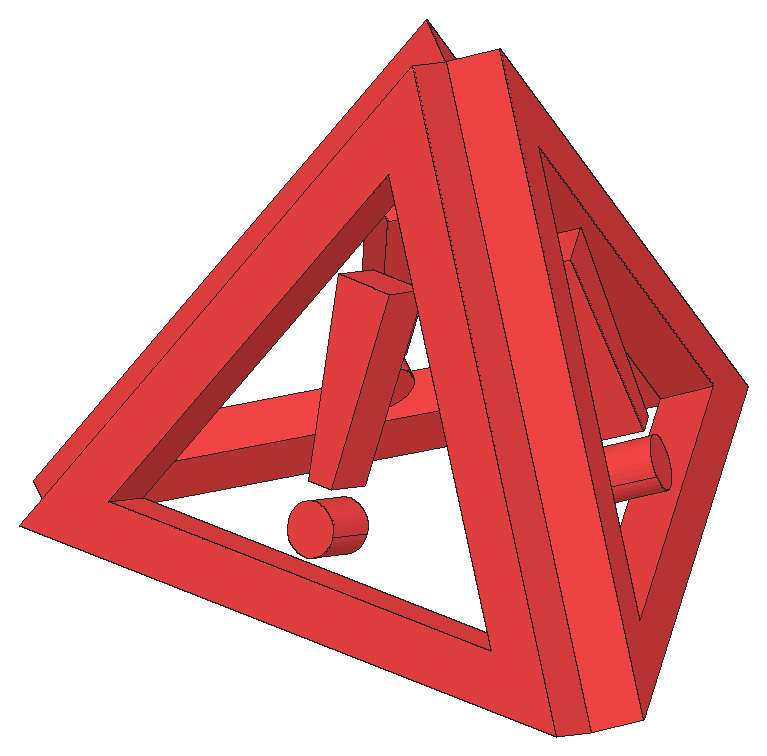
Revit family "BB_Hazard_Marker_2017", category Generic Models, Revit 2019
Family settings
  Can host rebar = No
  Round Connector Dimension = Use Diameter
  Part Type = Normal
  Work Plane-Based = No
  Always vertical = Yes
  Cut with Voids When Loaded = No
  Shared = No
  Room Calculation Point = No
Parameters
  Who is Likely to be Harmed [instance] = ""
  Risk Number [instance] = 0
  Risk Management Action Required [instance] = ""
  PD to include in Pre-Construct Info? [instance] = no
  PD to include in Health and Safety File? [instance] = no
  List Possible Hazards [instance] = ""
  Is the Risk Acceptable? [instance] = no
  Element of Design [instance] = ""
  Drawing/Spec. Reference [instance] = ""
  Date Risk or Hazard Removed & By Whom [instance] = ""
  Action Required By Who and By When [instance] = ""
Reference planes
  plane 1 "Center (Front/Back)": y = 0
  plane 2: z = 0
  plane 3 "Center (Left/Right)": x = 0
Forms (mm)
  Extrusion 1, solid, material "Red stuff"
    sketch origin (0, 0, 600) x (1, 0, 0) y (0, 0.333333, 0.942809)
      loop
        line (-300, 0) -> (300, 0) -> (0, 519.615) -> (-300, 0)
      loop
        line (0, 419.615) -> (-213.397, 50) -> (213.397, 50) -> (0, 419.615)
      loop
        line (-28.687, 318.674) -> (-12.501, 133.674) -> (12.501, 133.674) -> (28.687, 318.674) -> (-28.687, 318.674)
      loop
        circle (0, 93.423) r 25
    from 0 to 50
  Extrusion 2, solid, material "Red stuff"
    sketch origin (-150, 259.808, 600) x (-0.5, -0.866025, 0) y (0.288675, -0.166667, 0.942809)
      loop
        line (-300, 0) -> (300, 0) -> (0, 519.615) -> (-300, 0)
      loop
        line (0, 419.615) -> (-213.397, 50) -> (213.397, 50) -> (0, 419.615)
      loop
        line (-28.687, 318.674) -> (-12.501, 133.674) -> (12.501, 133.674) -> (28.687, 318.674) -> (-28.687, 318.674)
      loop
        circle (0, 93.423) r 25
    from 0 to 50
  Extrusion 3, solid, material "Red stuff"
    sketch origin (150, 259.808, 600) x (-0.5, 0.866025, 0) y (-0.288675, -0.166667, 0.942809)
      loop
        line (-300, 0) -> (300, 0) -> (0, 519.615) -> (-300, 0)
      loop
        line (0, 419.615) -> (-213.397, 50) -> (213.397, 50) -> (0, 419.615)
      loop
        line (-28.687, 318.674) -> (-12.501, 133.674) -> (12.501, 133.674) -> (28.687, 318.674) -> (-28.687, 318.674)
      loop
        circle (0, 93.423) r 25
    from 0 to 50
Dimensions and locks
  aligned and locked: level to plane 2
Nested families
  nested 1: "Detail_Family_Hazard_2017" at (0, 0, 0), type "Detail_Family_Hazard_2017"
Definition of nested family "Detail_Family_Hazard_2017"
  Reference planes
    plane 1 "Center (Front/Back)": y = 0
    plane 2: z = 0
    plane 3 "Center (Left/Right)": x = 0
  Lines and regions (mm)
    Filled region 1, type "Solid Fill - Red", in view "Ref. Level"
      outline origin (0, 0, 0) x (1, 0, 0) y (0, 1, 0)
        loop
          line (-300, 0) -> (300, 0) -> (0, 519.615) -> (-300, 0)
        loop
          line (0, 419.615) -> (-213.397, 50) -> (213.397, 50) -> (0, 419.615)
        loop
          line (-25, 316.523) -> (-12.793, 141.949) -> (12.793, 141.949) -> (25, 316.523) -> (-25, 316.523)
        loop
          circle (0, 102.008) r 25
